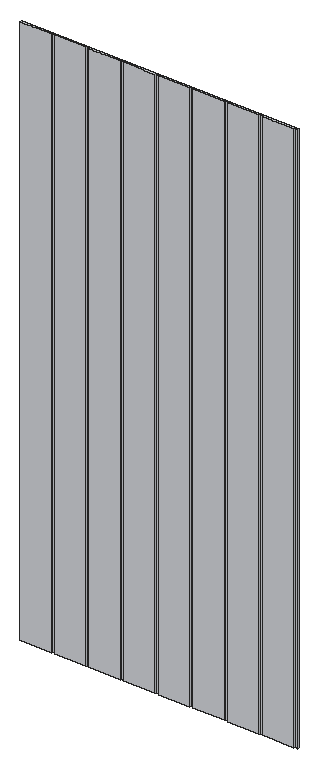
Revit family "easyline150", category Generic Models, Revit 2015
Parameters (values of type "Length=2400")
  vis.Rebateddado [instance] = and(Show Dado, Select EasyDado_Rebated)  # no
  vis.Flatdado [instance] = and(Show Dado, Select EasyDado_Flat)  # no
  easyline_Material = none
  URL = "http://www.easycraft.com.au/products/11/easyline"
  Show Dado [instance] = no
  Select EasyDado_Rebated [instance] = not(Select EasyDado_Flat)  # yes
  Select EasyDado_Flat [instance] = no
  Model = "easyline"  # constant formula
  Manufacturer = "Easycraft Australia Pty Ltd ph 07 3906 7200"  # constant formula
  Length_panel = 2400 mm
  Description = "LINE150"  # constant formula
  Cost = 0
  Assembly Code = "EL0924-150"
Types (3, lengths in mm): name | Length_panel | Assembly Code
  Length=2400 | 2400 | "EL0924-150"
  Length=3600 | 3600 | "EL0936-150"
  Length=3000 | 3000 | "EL0930-150"
Reference planes
  plane 1 "Center (Front/Back)": y = 0
  plane 2: z = 0
  plane 3 "Center (Left/Right)": x = 0
  plane 4 "Panel_top": z = 2400
Forms (mm)
  Sweep 1, solid, material <- "easyline_Material"
    path origin (0, 0, 0) x (-1, 0, 0) y (0, 0, 1)
      loop
        line (0, 0) -> (0, 2400)
    profile "_easyline_150 : _easyline_150" origin (0, 0, 1200) x (1, 0, 0) y (0, 1, 0)
      loop
        line (0, 0) -> (0, -9) -> (136, -9) -> (136, -6) -> (150, -6) -> (150, -9) -> (286, -9) -> (286, -6) -> (300, -6) -> (300, -9) -> (436, -9) -> (436, -6) -> (450, -6) -> (450, -9) -> (586, -9) -> (586, -6) -> (600, -6) -> (600, -9) -> (736, -9) -> (736, -6) -> (750, -6) -> (750, -9) -> (886, -9) -> (886, -6) -> (900, -6) -> (900, -9) -> (1036, -9) -> (1036, -6) -> (1050, -6) -> (1050, -9) -> (1186, -9) -> (1186, -6) -> (1200, -6) -> (1200, 0) -> (0, 0)
Dimensions and locks
  "Length_panel": plane 4 "Panel_top" to plane 2
  aligned and locked: level to plane 2
  aligned and locked: nested 2 to plane 4 "Panel_top"
  aligned and locked: nested 1 to plane 4 "Panel_top"
Automatic sketch dimensions
  Sweep 1 sketch curve to plane 3 "Center (Left/Right)" = 0 mm
  Sweep 1 sketch curve to level = 0 mm
  Sweep 1 sketch curve to plane 4 "Panel_top" = 0 mm
Nested families
  nested 1: "easydado_flat" at (0, -6, 2400), visible <- "vis.Flatdado", type "Length=1200"
  nested 2: "easydado_rebated" at (0, 0, 2400), visible <- "vis.Rebateddado", type "Length=1200"
Definition of nested family "easydado_flat"
  Parameters (values of type "Length=1200")
    easydado_flat_Material = none
    URL = "http://www.easycraft.com.au/products/9/easydado"
    Model = "easydado"  # constant formula
    Manufacturer = "Easycraft Australia Pty Ltd ph 07 3906 7200"  # constant formula
    Length_dado = 1200 mm
    Description = "FLAT"  # constant formula
    Assembly Code = "DR58X28F"
  Reference planes
    plane 1 "Center (Front/Back)": y = 0
    plane 2: z = 0
    plane 3 "Center (Left/Right)": x = 0
    plane 4: x = 1200
  Forms (mm)
    Sweep 1, solid, material <- "easydado_flat_Material"
      path origin (0, 0, 0) x (1, 0, 0) y (0, 1, 0)
        loop
          line (1200, 0) -> (0, 0)
      profile "_dadoflat : Type 1" origin (600, 0, 0) x (0, -1, 0) y (0, 0, 1)
        loop
          arc (11, -21.649) -> (15.972, -19.589) -> (18.032, -14.616) r 7.032
          line (18.032, -14.616) -> (20.5, -14.616) -> (20.5, -9.616)
          arc (20.5, -9.616) -> (28, 0.905) -> (20.5, 11.426) r 11.13
          line (20.5, 11.426) -> (20.5, 14.059)
          arc (20.5, 14.059) -> (13.782, 16.841) -> (11, 23.559) r 9.5
          line (11, 23.559) -> (0, 23.559) -> (0, -29.941)
          arc (0, -29.941) -> (4.5, -34.441) -> (9, -29.941) r 4.5
          line (9, -29.941) -> (9, -27.86) -> (11, -27.86) -> (11, -21.649)
  Dimensions and locks
    "Length_dado": plane 3 "Center (Left/Right)" to plane 4
    aligned and locked: level to plane 2
  Automatic sketch dimensions
    plane 1 "Center (Front/Back)" to Sweep 1 sketch curve = 0 mm
    Sweep 1 sketch curve to plane 3 "Center (Left/Right)" = 0 mm
    Sweep 1 sketch curve to plane 4 = 0 mm
Definition of nested family "easydado_rebated"
  Parameters (values of type "Length=1200")
    easydado_rebated_Material = none
    URL = "http://www.easycraft.com.au/products/9/easydado"
    Model = "easydado"  # constant formula
    Manufacturer = "Easycraft Australia Pty Ltd ph 07 3906 7200"  # constant formula
    Length_dado = 1200 mm
    Description = "REBATED"  # constant formula
    Assembly Code = "DR48X28R"
  Types (2, lengths in mm): name | Length_dado
    Length=600 | 600
    Length=1200 | 1200
  Reference planes
    plane 1 "Center (Front/Back)": y = 0
    plane 2: z = 0
    plane 3 "Center (Left/Right)": x = 0
    plane 4: x = 1200
  Forms (mm)
    Sweep 1, solid, material <- "easydado_rebated_Material"
      path origin (0, 0, 0) x (1, 0, 0) y (0, 1, 0)
        loop
          line (1200, 0) -> (0, 0)
      profile "_profile_easydadorebated : _profile_easydadorebated" origin (600, 0, 0) x (0, -1, 0) y (0, 0, 1)
        loop
          arc (20.5, 25.5) -> (13.782, 28.282) -> (11, 35) r 9.5
          line (11, 35) -> (0, 35) -> (0, 0) -> (9, 0) -> (9, -13)
          arc (9, -13) -> (15.364, -10.364) -> (18, -4) r 9
          line (18, -4) -> (20.5, -4) -> (20.5, 1.825)
          arc (20.5, 1.825) -> (28, 12.346) -> (20.5, 22.867) r 11.13
          line (20.5, 22.867) -> (20.5, 25.5)
  Dimensions and locks
    "Length_dado": plane 3 "Center (Left/Right)" to plane 4
    aligned and locked: level to plane 2
  Automatic sketch dimensions
    plane 1 "Center (Front/Back)" to Sweep 1 sketch curve = 0 mm
    Sweep 1 sketch curve to plane 3 "Center (Left/Right)" = 0 mm
    Sweep 1 sketch curve to plane 4 = 0 mm
